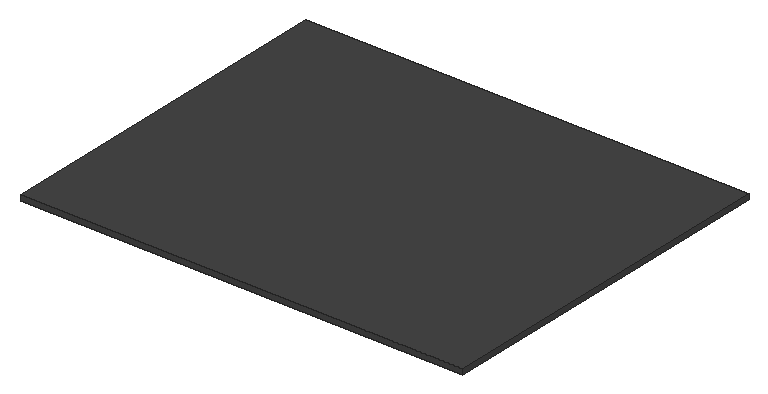
Revit family "ROTHOB_Rothoblaas_Membrane_TraspirEvoUV210", category Structural Connections, host Face, Revit 2020
Family settings
  Host = Face
  Material for Model Behavior = Other
  OmniClass Number = 23.13.25.25
  OmniClass Title = Air Barriers
  Enable cutting in views = Yes
  Cut with Voids When Loaded = No
  Shared = No
Parameters (values of type "WIDTHxHEIGHTmm")
  WaterVapourTransmition_Sd = "0,04 m"  # constant formula
  WarrantyStartDate [instance] = ""
  WarrantyGuarantorParts = "n/a"  # constant formula
  WarrantyGuarantorLabor = "n/a"  # constant formula
  WarrantyDurationUnit = "n/a"  # constant formula
  WarrantyDurationParts = "n/a"  # constant formula
  WarrantyDurationLabor = "n/a"  # constant formula
  WarrantyDescription = "n/a"  # constant formula
  Version = "1"  # constant formula
  UniClass2015Version = "Products v1.33"  # constant formula
  UniClass2015Title = "Vapour-permeable sheets"  # constant formula
  UniClass2015Code = "Pr_25_57_10_94"  # constant formula
  Tipo IFC predefinito = "USERDEFINED"  # constant formula
  SustainabilityPerformance = "n/a"  # constant formula
  Size = "n/a"  # constant formula
  Shape = "Bidimensional"  # constant formula
  Revision = "n/a"  # constant formula
  ReplacementCost = "n/a"  # constant formula
  ReactionFire = "class B-s1,d0"  # constant formula
  ObjectMaterial = ROTHOB_Rothoblaas_Polyacrylate
  NominalWidth = "n/a"  # constant formula
  NominalHeight = "n/a"  # constant formula
  MassUnitArea = "210 g/m2"  # constant formula
  Default Elevation = 1.2192 m
  ProductInformation = "https://www.rothoblaas.com/products/airtightness-and-waterproofing/membranes/traspir/traspir-evo-uv-210"  # constant formula
  OmniClassVersion = "2012-05-16"  # constant formula
  OmniClassTitle = "Air Barriers"  # constant formula
  OmniClassCode = "23.13.25.25"  # constant formula
  NominalLength = "n/a"  # constant formula
  InstallationDate [instance] = ""
  Height_H [instance] = 0.069722 m
  Name = "Membrane"  # constant formula
  ModelReference = "n/a"  # constant formula
  ModelNumber = "n/a"  # constant formula
  ModelDisclaimer = "The latest version of the data sheets can be found on our website"  # constant formula
  Material = "Monolithic breathable polyacrylate membrane"  # constant formula
  ManufacturerURL = "www.rothoblaas.com"  # constant formula
  ManufacturerName = "ROTHO BLAAS SRL"  # constant formula
  Manufacturer = "info@rothoblaas.com"  # constant formula
  IfcExportType = "USERDEFINED"  # constant formula
  IfcExportAs = "IfcBuildingElementProxyType"  # constant formula
  Length_L [instance] = 0.086578 m
  Grade = "n/a"  # constant formula
  Finish = "n/a"  # constant formula
  Features = "Flexible sheets for waterproofing"  # constant formula
  ExpectedLife = "n/a"  # constant formula
  Esporta tipo in formato IFC con nome = "IfcBuildingElementProxyType"  # constant formula
  DurationUnit = "Years"  # constant formula
  Description = "Highly breathable monolithic membrane resistant to UV rays"  # constant formula
  Constituents = "n/a"  # constant formula
  Color = "Black"  # constant formula
  CodePerformance = "CE - Construction products"  # constant formula
  Category = "Pr_25_57_10_94 - Vapour-permeable sheets"  # constant formula
  CETitle = "n/a"  # constant formula
  CECode = "EN 13859-2"  # constant formula
  BIMObjectName = "ROTHOB_Rothoblaas_Membrane_TraspirEvoUV210"  # constant formula
  EPDTitle = "n/a"  # constant formula
  EPDCode = "2021M20141"  # constant formula
  Author = "Vitor Ferronato"  # constant formula
  AssetType = "n/a"  # constant formula
  AccessibilityPerformance = "n/a"  # constant formula
Reference planes (m)
  plane 1 "Centro (Fronte/Retro)": y = 0
  plane 2: z = 0
  plane 3 "Centro (Sinistra/Destra)": x = 0
  plane 4: y = 0.034861
  plane 5: y = -0.034861
  plane 6: x = -0.043289
  plane 7: x = 0.043289
Forms (m)
  Extrusion 1, solid, material "ROTHOB_Rothoblaas_Polyacrylate" <- "ObjectMaterial"
    sketch origin (0, 0, 0) x (1, 0, 0) y (0, 1, 0)
      loop
        line (-0.043289, 0.034861) -> (-0.043289, -0.034861) -> (0.043289, -0.034861) -> (0.043289, 0.034861) -> (-0.043289, 0.034861)
    from 0 to 0.001
Dimensions and locks (m)
  equal spacing: host sketch curve, plane 3 "Centro (Sinistra/Destra)", host sketch curve
  host sketch curve to host sketch curve = 0.092942 m
  equal spacing: host sketch curve, plane 1 "Centro (Fronte/Retro)", host sketch curve
  host sketch curve to host sketch curve = 0.07687 m
  equal spacing: plane 6, plane 3 "Centro (Sinistra/Destra)", plane 7
  "Length_L": plane 6 to plane 7
  equal spacing: plane 4, plane 1 "Centro (Fronte/Retro)", plane 5
  "Height_H": plane 4 to plane 5
  aligned and locked: plane 2 to host face
  aligned and locked: level to host face
  aligned and locked: Extrusion 1 sketch curve to plane 4
  aligned and locked: plane 6 to Extrusion 1 sketch curve
  aligned and locked: Extrusion 1 sketch curve to plane 5
  aligned and locked: plane 7 to Extrusion 1 sketch curve
